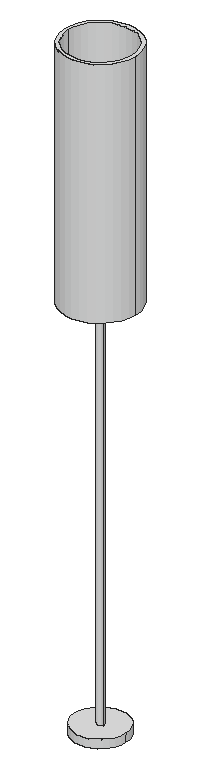
Revit family "Lighting-Surface-Amerlux-Rook-250-Direct-Indirect", category Lighting Fixtures, host Face, Revit 2020
Family settings
  Host = Face
  Round Connector Dimension = Use Diameter
  Part Type = Normal
  Cut with Voids When Loaded = No
  Light Source = Yes
  Shared = No
  Room Calculation Point = No
Parameters (values of type "RK250RDI")
  Wattage = 9.2903 W
  built-in parameter 1150110 = 1 (stored number, unit not read)
  Voltage = 0 V
  URL = "http://www.amerlux.com/"
  built-in parameter 1114217 = 1 (stored number, unit not read)
  Tilt Angle = -90.00°
  built-in parameter 1150109 = 1 (stored number, unit not read)
  built-in parameter 1150134 = 3
  Suspension Length [instance] = 2' - 0"
  built-in parameter 1150113 = 1 (stored number, unit not read)
  Power Factor = 1
  Photometric Web File = "Load File"
  Number of Poles = 1
  built-in parameter 1150142 = (empty or 0)
  Model = "Rook 250"
  Manufacturer = "Amerlux"
  built-in parameter 1150105 = 109.82 (stored number, unit not read)
  Lumens = 1380 lm
  built-in parameter 1150115 = 1 (stored number, unit not read)
  built-in parameter 1150137 = (empty or 0)
  built-in parameter 1150139 = (empty or 0)
  built-in parameter 1150112 = 1 (stored number, unit not read)
  built-in parameter 1150114 = 1 (stored number, unit not read)
  built-in parameter 1150132 = (empty or 0)
  built-in parameter 1150102 = (empty or 0)
  built-in parameter 1150107 = 3200 (stored number, unit not read)
  built-in parameter 1150138 = (empty or 0)
  built-in parameter 1150106 = 1.0982 (stored number, unit not read)
  Height = 0' - 9"
  Fixture Finish = Aluminum Finish
  Emit from Circle Diameter = 0' - 2 1/2"
  Emit Shape Visible in Rendering = no
  built-in parameter 1150104 = 13.8 (stored number, unit not read)
  Dimming Lamp Color Temperature Shift = <None>
  Description = "Pendant"
  Default Elevation = 4' - 0"
  Color Filter = 16777215
  built-in parameter 1114218 = 1 (stored number, unit not read)
  built-in parameter 1150133 = 10 (stored number, unit not read)
  Apparent Load = 0 VA
Reference planes (in)
  plane 1 "Center (Front/Back)": y = 0
  plane 2: z = 0
  plane 3 "Center (Left/Right)": x = 0
  plane 4: z = 0
  plane 5: z = 24
Forms (in)
  Extrusion 1, solid, material "Aluminum Finish"
    sketch origin (0, 0, 0) x (1, 0, 0) y (0, 1, 0)
      loop
        circle (0, 0) r 1.375
    from 15 to 24
  Extrusion 2, solid, material "Aluminum Finish"
    sketch origin (0, 0, 0) x (1, 0, 0) y (0, 1, 0)
      loop
        circle (0, 0) r 0.12492
    from 0 to 15
  Extrusion 3, solid, material "Aluminum Finish"
    sketch origin (0, 0, 0) x (1, 0, 0) y (0, 1, 0)
      loop
        circle (0, 0) r 1
    from 0 to 0.31343
  Extrusion 4, void
    sketch origin (0, 0, 0) x (1, 0, 0) y (0, 1, 0)
      loop
        circle (0, 0) r 1.25
    from 22.12399 to 24
Cuts and joins
  Extrusion 4 cuts Extrusion 2
  Extrusion 4 cuts Extrusion 3
  Extrusion 4 cuts Extrusion 1
Dimensions and locks (in)
  plane 4 to host face = 0' - 0"
  "Height": Extrusion 1 to Extrusion 1
  "Suspension Length": plane 5 to host face
  locked: Extrusion 4 to Extrusion 1 at 1.87601
  diameter of Extrusion 1 sketch curve = 0' - 2 3/4"
  aligned and locked: plane 2 to host face
  aligned and locked: level to host face
  aligned and locked: plane 3 "Center (Left/Right)" to imposter light
  aligned and locked: imposter light to plane 1 "Center (Front/Back)"
  aligned and locked: plane 5 to Extrusion 1
  aligned and locked: plane 5 to imposter light
  aligned and locked: Extrusion 2 to Extrusion 1
  aligned and locked: Extrusion 2 to level
  aligned and locked: imposter light to Extrusion 4
Automatic sketch dimensions
  host sketch curve to host sketch curve = 8' - 0"  (x2)
  plane 1 "Center (Front/Back)" to Extrusion 1 sketch curve = 0' - 0"
  Extrusion 1 sketch curve to plane 3 "Center (Left/Right)" = 0' - 0"
  plane 1 "Center (Front/Back)" to Extrusion 2 sketch curve = 0' - 0"
  Extrusion 2 sketch curve to plane 3 "Center (Left/Right)" = 0' - 0"
  plane 1 "Center (Front/Back)" to Extrusion 3 sketch curve = 0' - 0"
  Extrusion 3 sketch curve to plane 3 "Center (Left/Right)" = 0' - 0"
  plane 1 "Center (Front/Back)" to Extrusion 4 sketch curve = 0' - 0"
  Extrusion 4 sketch curve to plane 3 "Center (Left/Right)" = 0' - 0"
  radius of Extrusion 2 sketch curve = 0' - 0.12492"
  radius of Extrusion 3 sketch curve = 0' - 1"
  radius of Extrusion 4 sketch curve = 0' - 1 1/4"
Connectors (in)
  electrical at (0, 0, 0), driven by "Number of Poles", driven by "Voltage", driven by "Apparent Load", driven by "Power Factor"
    settings: on cut or joined group of Extrusion 3, Extrusion 4, index 1, voltage 0 V, apparent load 0 VA, apparent load phase1 0 VA, apparent load phase2 0 VA, apparent load phase3 0 VA, power factor 1, load classification "Other", number of poles 1, system type 31, power factor state 1, is connector primary yes, connector utility no, sub classification motor no, connector description ""
